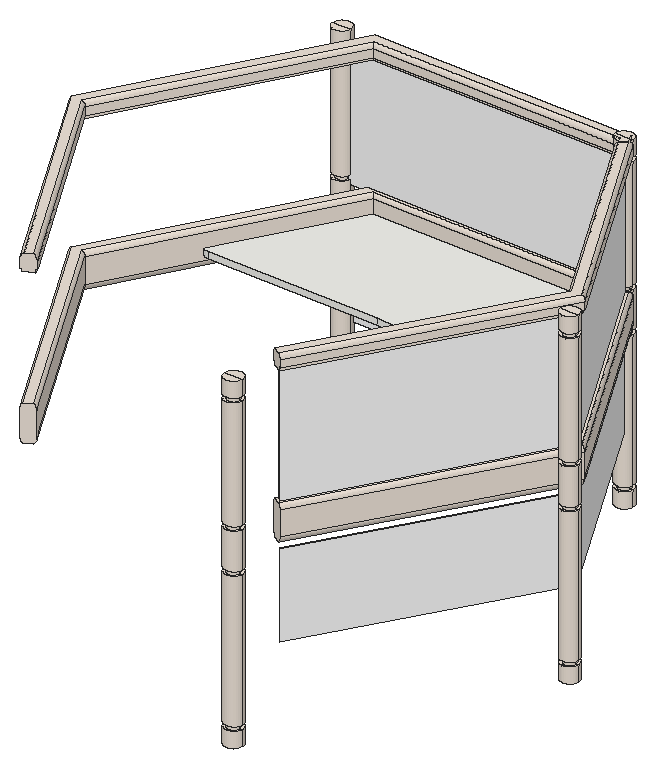
Revit family
Parameters (values of type "96" x 96"")
  Assembly Code = "E2020"
  Cube Panel Material = Textile - Light Gray
  Desktop Height = 2' - 6"
  Desktop1 Width = 2' - 0"
  Desktop2 Width = 2' - 0"
  Panel Height = 5' - 6"
  Panel1 Length = 5' - 0"
  Panel2 Length = 5' - 0"
  Work Top Material = Laminate - Ivory,Matte
Reference planes (in)
  plane 1 "Center (Front/Back)": y = -19.48909
  plane 2: z = 0
  plane 3 "Center (Left/Right)": x = -5.18629
  plane 4: z = 30
  plane 5: z = 66
  plane 6: z = 28.5
  plane 7: x = -3.18629
  plane 8: y = -21.48909
  plane 9: x = 32.81371
  plane 10: x = 92.81371
  plane 11: y = -57.48909
  plane 12: x = 20.81371
  plane 13: y = -45.48909
Forms (in)
  Extrusion 1, solid, material "Laminate - Ivory,Matte" <- "Work Top Material"
    sketch origin (-37.14864, -159.83378, 0) x (1, 0, 0) y (0, 1, 0)
      loop
        line (80.83093, 106.40781) -> (94.83093, 82.1591)
        arc (94.83093, 82.1591) -> (96.53264, 81.17662) -> (98.23435, 82.1591) r 1.96496
        line (98.23435, 82.1591) -> (109.23435, 101.21166) -> (88.25019, 137.55728) -> (46.42194, 137.55728) -> (35.38693, 118.44408)
        arc (35.38693, 118.44408) -> (35.38693, 116.47912) -> (37.08863, 115.49664) r 1.96496
        line (37.08863, 115.49664) -> (65.08863, 115.49664)
        arc (65.08863, 115.49664) -> (74.17746, 113.06129) -> (80.83093, 106.40781) r 18.17764
    from 28.5 to 29.48425
  Sweep 2, solid, material "BMCD2AR3\Solid Materials \Plastics\Textured\Beige, for computers"
    path origin (131.10345, -103.6416, 49.35207) x (1, 0, 0) y (0, 1, 0)
      loop
        line (-120.97114, 8.81702) -> (-141.97114, 45.19009) -> (-121.60913, 81.92411) -> (-79.60913, 81.92411) -> (-58.58057, 45.50157) -> (-79.59795, 9.09839)
    profile origin (30.49432, -21.71749, 49.35207) x (0, 1, 0) y (0, 0, 1)
      loop
        line (-1.14485, 4.75) -> (-1.14485, 3.5) -> (-0.89485, 3.5) -> (-0.89485, 2.94582) -> (0.89485, 2.94582) -> (0.89485, 3.19582) -> (0.89485, 3.5) -> (1.14485, 3.5) -> (1.14485, 4.75)
        arc (1.14485, 4.75) -> (1.03047, 5.2488) -> (0.7102, 5.64793) r 1.14485
        line (0.7102, 5.64793) -> (-0.7102, 5.64793)
        arc (-0.7102, 5.64793) -> (-1.03047, 5.2488) -> (-1.14485, 4.75) r 1.14485
  Extrusion 3, solid, material "meatl modesty", not visible
    sketch origin (-164.37163, -134.70476, 0) x (-0.5, 0.866025, 0) y (-0.866025, -0.5, 0)
      loop
        line (-83.75095, -138.31093) -> (-83.50095, -138.31093) -> (-83.50095, -93.67895) -> (-83.75095, -93.67895) -> (-83.75095, -138.31093)
    from 11.21578 to 25.21578
  Extrusion 4, void, not visible
    sketch origin (-4.9342, -139.3608, 0) x (0.866025, 0.5, 0) y (0, 0, -1)
      loop
        line (-39.89166, -24.30554) -> (-38.89166, -24.30554) -> (-38.89166, -23.30554) -> (-39.89166, -23.30554) -> (-39.89166, -24.30554)
    from 0 to 3.21097
  Extrusion 5, void, not visible
    sketch origin (-4.9342, -139.3608, -3.5) x (0.866025, 0.5, 0) y (0, 0, -1)
      loop
        line (-39.89166, -24.30554) -> (-38.89166, -24.30554) -> (-38.89166, -23.30554) -> (-39.89166, -23.30554) -> (-39.89166, -24.30554)
    from 0 to 3.21097
  Extrusion 6, void, not visible
    sketch origin (-4.9342, -139.3608, -7) x (0.866025, 0.5, 0) y (0, 0, -1)
      loop
        line (-39.89166, -24.30554) -> (-38.89166, -24.30554) -> (-38.89166, -23.30554) -> (-39.89166, -23.30554) -> (-39.89166, -24.30554)
    from 0 to 3.21097
  Extrusion 7, void, not visible
    sketch origin (-4.9342, -139.3608, -10.5) x (0.866025, 0.5, 0) y (0, 0, -1)
      loop
        line (-39.89166, -24.30554) -> (-38.89166, -24.30554) -> (-38.89166, -23.30554) -> (-39.89166, -23.30554) -> (-39.89166, -24.30554)
    from 0 to 3.21097
  Extrusion 8, void, not visible
    sketch origin (-4.9342, -139.3608, 0) x (0.866025, 0.5, 0) y (0, 0, -1)
      loop
        line (-39.89166, -24.30554) -> (-38.89166, -24.30554) -> (-38.89166, -23.30554) -> (-39.89166, -23.30554) -> (-39.89166, -24.30554)
    from 0 to 3.21097
  Extrusion 9, void, not visible
    sketch origin (-4.9342, -139.3608, -3.5) x (0.866025, 0.5, 0) y (0, 0, -1)
      loop
        line (-39.89166, -24.30554) -> (-38.89166, -24.30554) -> (-38.89166, -23.30554) -> (-39.89166, -23.30554) -> (-39.89166, -24.30554)
    from 0 to 3.21097
  Extrusion 10, void, not visible
    sketch origin (-4.9342, -139.3608, -7) x (0.866025, 0.5, 0) y (0, 0, -1)
      loop
        line (-39.89166, -24.30554) -> (-38.89166, -24.30554) -> (-38.89166, -23.30554) -> (-39.89166, -23.30554) -> (-39.89166, -24.30554)
    from 0 to 3.21097
  Extrusion 11, void, not visible
    sketch origin (-4.9342, -139.3608, -10.5) x (0.866025, 0.5, 0) y (0, 0, -1)
      loop
        line (-39.89166, -24.30554) -> (-38.89166, -24.30554) -> (-38.89166, -23.30554) -> (-39.89166, -23.30554) -> (-39.89166, -24.30554)
    from 0 to 3.21097
  Extrusion 12, solid, material "meatl modesty", not visible
    sketch origin (-164.37163, -134.70476, 0) x (-0.5, 0.866025, 0) y (-0.866025, -0.5, 0)
      loop
        line (-83.75095, -138.31093) -> (-83.50095, -138.31093) -> (-83.50095, -93.67895) -> (-83.75095, -93.67895) -> (-83.75095, -138.31093)
    from 11.21578 to 25.21578
  Extrusion 13, void, not visible
    sketch origin (-4.9342, -139.3608, 0) x (0.866025, 0.5, 0) y (0, 0, -1)
      loop
        line (-39.89166, -24.30554) -> (-38.89166, -24.30554) -> (-38.89166, -23.30554) -> (-39.89166, -23.30554) -> (-39.89166, -24.30554)
    from 0 to 3.21097
  Extrusion 14, void, not visible
    sketch origin (-4.9342, -139.3608, -3.5) x (0.866025, 0.5, 0) y (0, 0, -1)
      loop
        line (-39.89166, -24.30554) -> (-38.89166, -24.30554) -> (-38.89166, -23.30554) -> (-39.89166, -23.30554) -> (-39.89166, -24.30554)
    from 0 to 3.21097
  Extrusion 15, void, not visible
    sketch origin (-4.9342, -139.3608, -7) x (0.866025, 0.5, 0) y (0, 0, -1)
      loop
        line (-39.89166, -24.30554) -> (-38.89166, -24.30554) -> (-38.89166, -23.30554) -> (-39.89166, -23.30554) -> (-39.89166, -24.30554)
    from 0 to 3.21097
  Extrusion 16, void, not visible
    sketch origin (-4.9342, -139.3608, -10.5) x (0.866025, 0.5, 0) y (0, 0, -1)
      loop
        line (-39.89166, -24.30554) -> (-38.89166, -24.30554) -> (-38.89166, -23.30554) -> (-39.89166, -23.30554) -> (-39.89166, -24.30554)
    from 0 to 3.21097
  Extrusion 17, void, not visible
    sketch origin (27.52487, -120.62054, 0) x (0.866025, 0.5, 0) y (0, 0, -1)
      loop
        line (-39.89166, -24.30554) -> (-38.89166, -24.30554) -> (-38.89166, -23.30554) -> (-39.89166, -23.30554) -> (-39.89166, -24.30554)
    from 0 to 3.21097
  Extrusion 18, void, not visible
    sketch origin (27.52487, -120.62054, -3.5) x (0.866025, 0.5, 0) y (0, 0, -1)
      loop
        line (-39.89166, -24.30554) -> (-38.89166, -24.30554) -> (-38.89166, -23.30554) -> (-39.89166, -23.30554) -> (-39.89166, -24.30554)
    from 0 to 3.21097
  Extrusion 19, void, not visible
    sketch origin (27.52487, -120.62054, -7) x (0.866025, 0.5, 0) y (0, 0, -1)
      loop
        line (-39.89166, -24.30554) -> (-38.89166, -24.30554) -> (-38.89166, -23.30554) -> (-39.89166, -23.30554) -> (-39.89166, -24.30554)
    from 0 to 3.21097
  Extrusion 20, void, not visible
    sketch origin (27.52487, -120.62054, -10.5) x (0.866025, 0.5, 0) y (0, 0, -1)
      loop
        line (-39.89166, -24.30554) -> (-38.89166, -24.30554) -> (-38.89166, -23.30554) -> (-39.89166, -23.30554) -> (-39.89166, -24.30554)
    from 0 to 3.21097
  Sweep 21, solid, material "BMCD2AR3\Solid Materials \Plastics\Textured\Beige, for computers"
    path origin (-36.09987, -330.88929, 26.35207) x (-1, 0, 0) y (0, -1, 0)
      loop
        line (-46.21114, -236.05255) -> (-25.2226, -272.40578) -> (-45.5846, -309.13981) -> (-87.5846, -309.13981) -> (-108.61389, -272.71602) -> (-87.61311, -236.34161)
    profile origin (30.48473, -21.74948, 26.35207) x (0, 1, 0) y (0, 0, 1)
      loop
        arc (-1.14485, 1.14164) -> (-1.03047, 0.64284) -> (-0.7102, 0.24371) r 1.14485
        line (-0.7102, 0.24371) -> (0.7102, 0.24371)
        arc (0.7102, 0.24371) -> (1.03047, 0.64284) -> (1.14485, 1.14164) r 1.14485
        line (1.14485, 1.14164) -> (1.14485, 2.89164) -> (1.14485, 5.25)
        arc (1.14485, 5.25) -> (1.03047, 5.7488) -> (0.7102, 6.14793) r 1.14485
        line (0.7102, 6.14793) -> (-0.7102, 6.14793)
        arc (-0.7102, 6.14793) -> (-1.03047, 5.7488) -> (-1.14485, 5.25) r 1.14485
        line (-1.14485, 5.25) -> (-1.14485, 2.89164) -> (-1.14485, 1.14164)
  Revolve 22, solid, material "BMCD2AR3\Solid Materials \Plastics\Textured\Beige, for computers"
    sketch origin (-88.67426, -21.74948, 0) x (1, 0, 0) y (0, 0, 1)
      loop
        line (94.29285, 0) -> (94.29285, 2.5) -> (93.79285, 2.5) -> (93.79285, 3.25) -> (94.29285, 3.25) -> (94.29285, 25.75) -> (93.79285, 25.75) -> (93.79285, 26.5) -> (94.29285, 26.5) -> (94.29285, 32.5) -> (93.79285, 32.5) -> (93.79285, 33.25) -> (94.29285, 33.25) -> (94.29285, 51.75) -> (93.79285, 51.75) -> (93.79285, 52.5) -> (94.29285, 52.5) -> (94.29285, 55) -> (92.81371, 55) -> (92.81371, 0) -> (94.29285, 0)
      axis (92.81371, 0) -> (92.81371, 55)
    angle from 0 to 360
  Extrusion 23, solid, material "soft board"
    sketch origin (143.79727, -105.60438, 0) x (0, -1, 0) y (1, 0, 0)
      loop
        line (-84.11529, -138.42053) -> (-83.63171, -138.42053) -> (-83.63171, -93.60886) -> (-84.11529, -93.60886) -> (-84.11529, -138.42053)
    from 31.81554 to 52.5
  Extrusion 24, solid, material "white board"
    sketch origin (48.91924, -184.71275, 0) x (-0.866025, -0.5, 0) y (0.5, -0.866025, 0)
      loop
        line (-83.75095, -138.42053) -> (-83.50095, -138.42053) -> (-83.50095, -93.79598) -> (-83.75095, -93.79598) -> (-83.75095, -138.42053)
    from 31.81554 to 52.5
  Extrusion 25, solid, material "BMCD2AR3\Solid Materials \Plastics\Textured\Beige, for computers"
    sketch origin (-67.17545, -141.56947, 0) x (-0.866025, 0.5, 0) y (-0.5, -0.866025, 0)
      loop
        line (-79.41563, -141.55434) -> (-79.16563, -141.55434) -> (-79.16563, -100.4238) -> (-79.41563, -100.4238) -> (-79.41563, -141.55434)
    from 11.21578 to 25.21578
  Revolve 26, solid, material "BMCD2AR3\Solid Materials \Plastics\Textured\Beige, for computers"
    sketch origin (-41.42327, -21.74948, 0) x (1, 0, 0) y (0, 0, 1)
      loop
        line (94.29285, 0) -> (94.29285, 2.5) -> (93.79285, 2.5) -> (93.79285, 3.25) -> (94.29285, 3.25) -> (94.29285, 25.75) -> (93.79285, 25.75) -> (93.79285, 26.5) -> (94.29285, 26.5) -> (94.29285, 32.5) -> (93.79285, 32.5) -> (93.79285, 33.25) -> (94.29285, 33.25) -> (94.29285, 51.75) -> (93.79285, 51.75) -> (93.79285, 52.5) -> (94.29285, 52.5) -> (94.29285, 55) -> (92.81371, 55) -> (92.81371, 0) -> (94.29285, 0)
      axis (92.81371, 0) -> (92.81371, 55)
    angle from 0 to 360
  Revolve 27, solid, material "BMCD2AR3\Solid Materials \Plastics\Textured\Beige, for computers"
    sketch origin (-17.80122, -62.66407, 0) x (1, 0, 0) y (0, 0, 1)
      loop
        line (94.29285, 0) -> (94.29285, 2.5) -> (93.79285, 2.5) -> (93.79285, 3.25) -> (94.29285, 3.25) -> (94.29285, 25.75) -> (93.79285, 25.75) -> (93.79285, 26.5) -> (94.29285, 26.5) -> (94.29285, 32.5) -> (93.79285, 32.5) -> (93.79285, 33.25) -> (94.29285, 33.25) -> (94.29285, 51.75) -> (93.79285, 51.75) -> (93.79285, 52.5) -> (94.29285, 52.5) -> (94.29285, 55) -> (92.81371, 55) -> (92.81371, 0) -> (94.29285, 0)
      axis (92.81371, 0) -> (92.81371, 55)
    angle from 0 to 360
  Revolve 28, solid, material "BMCD2AR3\Solid Materials \Plastics\Textured\Beige, for computers"
    sketch origin (-41.40563, -103.56936, 0) x (1, 0, 0) y (0, 0, 1)
      loop
        line (94.29285, 0) -> (94.29285, 2.5) -> (93.79285, 2.5) -> (93.79285, 3.25) -> (94.29285, 3.25) -> (94.29285, 25.75) -> (93.79285, 25.75) -> (93.79285, 26.5) -> (94.29285, 26.5) -> (94.29285, 32.5) -> (93.79285, 32.5) -> (93.79285, 33.25) -> (94.29285, 33.25) -> (94.29285, 51.75) -> (93.79285, 51.75) -> (93.79285, 52.5) -> (94.29285, 52.5) -> (94.29285, 55) -> (92.81371, 55) -> (92.81371, 0) -> (94.29285, 0)
      axis (92.81371, 0) -> (92.81371, 55)
    angle from 0 to 360
  Extrusion 29, solid, material "BMCD2AR3\Solid Materials \Plastics\Textured\Beige, for computers"
    sketch origin (48.86072, -184.6114, 0) x (-0.866025, -0.5, 0) y (0.5, -0.866025, 0)
      loop
        line (-83.75095, -138.31093) -> (-83.50095, -138.31093) -> (-83.50095, -93.67895) -> (-83.75095, -93.67895) -> (-83.75095, -138.31093)
    from 11.21578 to 25.21578
  Extrusion 30, solid, material "BMCD2AR3\Solid Materials \Plastics\Textured\Beige, for computers"
    sketch origin (-88.04932, 62.01186, 0) x (0, 1, 0) y (-1, 0, 0)
      loop
        line (-83.75095, -138.31093) -> (-83.50095, -138.31093) -> (-83.50095, -93.67895) -> (-83.75095, -93.67895) -> (-83.75095, -138.31093)
    from 11.21578 to 25.21578
  Extrusion 31, solid, material "soft board"
    sketch origin (193.94436, -24.52916, 0) x (0.866025, -0.5, 0) y (0.5, 0.866025, 0)
      loop
        line (-88.58184, -131.54707) -> (-88.09825, -131.54707) -> (-88.09825, -90.54707) -> (-88.58184, -90.54707) -> (-88.58184, -131.54707)
    from 31.81554 to 52.5
  Extrusion 32, solid, material "soft board"
    sketch origin (49.09589, -184.61076, 0) x (-0.866025, -0.5, 0) y (0.5, -0.866025, 0)
      loop
        line (-83.75095, -138.42053) -> (-83.50095, -138.42053) -> (-83.50095, -93.79598) -> (-83.75095, -93.79598) -> (-83.75095, -138.42053)
    from 32.5 to 52.5
Dimensions and locks (in)
  "Panel Height": plane 5 to plane 2
  "Desktop Height": plane 4 to plane 2
  locked: plane 6 to plane 4 at 1.5
Automatic sketch dimensions
  Extrusion 3 sketch curve to Extrusion 3 sketch curve = 0' - 0 1/4"
  Extrusion 3 sketch curve to Extrusion 3 sketch curve = 3' - 8.63198"
  Extrusion 4 sketch curve to Extrusion 4 sketch curve = 0' - 1"  (x2)
  Extrusion 5 sketch curve to Extrusion 5 sketch curve = 0' - 1"  (x2)
  Extrusion 6 sketch curve to Extrusion 6 sketch curve = 0' - 1"  (x2)
  Extrusion 7 sketch curve to Extrusion 7 sketch curve = 0' - 1"  (x2)
  Extrusion 8 sketch curve to Extrusion 8 sketch curve = 0' - 1"  (x2)
  Extrusion 9 sketch curve to Extrusion 9 sketch curve = 0' - 1"  (x2)
  Extrusion 10 sketch curve to Extrusion 10 sketch curve = 0' - 1"  (x2)
  Extrusion 11 sketch curve to Extrusion 11 sketch curve = 0' - 1"  (x2)
  Extrusion 12 sketch curve to Extrusion 12 sketch curve = 0' - 0 1/4"
  Extrusion 12 sketch curve to Extrusion 12 sketch curve = 3' - 8.63198"
  Extrusion 13 sketch curve to Extrusion 13 sketch curve = 0' - 1"  (x2)
  Extrusion 14 sketch curve to Extrusion 14 sketch curve = 0' - 1"  (x2)
  Extrusion 15 sketch curve to Extrusion 15 sketch curve = 0' - 1"  (x2)
  Extrusion 16 sketch curve to Extrusion 16 sketch curve = 0' - 1"  (x2)
  Extrusion 17 sketch curve to Extrusion 17 sketch curve = 0' - 1"  (x2)
  Extrusion 18 sketch curve to Extrusion 18 sketch curve = 0' - 1"  (x2)
  Extrusion 19 sketch curve to Extrusion 19 sketch curve = 0' - 1"  (x2)
  Extrusion 20 sketch curve to Extrusion 20 sketch curve = 0' - 1"  (x2)
  Sweep 2 sketch curve to Sweep 2 sketch curve = 0' - 0"  (x2)
  Sweep 2 sketch curve to profile plane = 0' - 0"
  profile plane to Sweep 2 sketch curve = 0' - 0.7102"
  profile plane to Sweep 2 sketch curve = 0' - 0.89485"
  Sweep 2 sketch curve to Sweep 2 sketch curve = 0' - 0.43464"
  Sweep 2 sketch curve to profile plane = 0' - 0.7102"
  Sweep 2 sketch curve to Sweep 2 sketch curve = 0' - 0 1/4"  (x2)
  profile plane to Sweep 2 sketch curve = 0' - 2.94582"
  Sweep 2 sketch curve to Sweep 2 sketch curve = 0' - 0.30418"
  Sweep 2 sketch curve to Sweep 2 sketch curve = 0' - 0.55418"
  Sweep 2 sketch curve to Sweep 2 sketch curve = 0' - 1 1/4"
  Sweep 21 sketch curve to Sweep 21 sketch curve = 0' - 0"  (x4)
  Sweep 21 sketch curve to profile plane = 0' - 0"  (x2)
  profile plane to Sweep 21 sketch curve = 0' - 0.7102"  (x2)
  Sweep 21 sketch curve to Sweep 21 sketch curve = 0' - 0.43464"
  Sweep 21 sketch curve to profile plane = 0' - 0.7102"
  profile plane to Sweep 21 sketch curve = 0' - 0.24371"
  Sweep 21 sketch curve to Sweep 21 sketch curve = 0' - 1 3/4"  (x2)
  Sweep 21 sketch curve to Sweep 21 sketch curve = 0' - 2.35836"
  Revolve 22 sketch curve to level = 0' - 0"  (x2)
  Revolve 22 sketch curve to plane 4 = 0' - 0"
  plane 7 to Revolve 22 sketch curve = 0' - 7.32574"
  Revolve 22 sketch curve to Revolve 22 sketch curve = 0' - 0"
  Revolve 22 sketch curve to Revolve 22 sketch curve = 0' - 0.97914"  (x4)
  Revolve 22 sketch curve to Revolve 22 sketch curve = 0' - 1.47914"  (x2)
  Revolve 22 sketch curve to Revolve 22 sketch curve = 0' - 0 1/2"  (x3)
  level to Revolve 22 sketch curve = 0' - 2 1/2"
  Revolve 22 sketch curve to Revolve 22 sketch curve = 0' - 0 3/4"  (x4)
  plane 6 to Revolve 22 sketch curve = 0' - 2 3/4"
  Revolve 22 sketch curve to plane 4 = 0' - 2 1/2"
  plane 5 to Revolve 22 sketch curve = 1' - 2 1/4"
  Revolve 22 sketch curve to Revolve 22 sketch curve = 0' - 2 1/2"
  Extrusion 23 sketch curve to plane 8 = 0' - 0"
  Extrusion 23 sketch curve to Extrusion 23 sketch curve = 0' - 0.48358"
  plane 7 to Extrusion 23 sketch curve = 0' - 8.56303"
  Extrusion 23 sketch curve to plane 9 = 1' - 5.3747"
  plane 11 to Extrusion 24 sketch curve = 0' - 4.11847"
  plane 10 to Extrusion 24 sketch curve = 1' - 6.26201"
  Extrusion 24 sketch curve to Extrusion 24 sketch curve = 0' - 0 1/4"
  Extrusion 24 sketch curve to Extrusion 24 sketch curve = 3' - 8.62455"
  Revolve 26 sketch curve to level = 0' - 0"  (x2)
  Revolve 26 sketch curve to plane 4 = 0' - 0"
  Revolve 26 sketch curve to plane 9 = 1' - 6.57673"
  Revolve 26 sketch curve to Revolve 26 sketch curve = 0' - 0"
  Revolve 26 sketch curve to Revolve 26 sketch curve = 0' - 0.97914"  (x4)
  Revolve 26 sketch curve to Revolve 26 sketch curve = 0' - 1.47914"  (x2)
  Revolve 26 sketch curve to Revolve 26 sketch curve = 0' - 0 1/2"  (x3)
  level to Revolve 26 sketch curve = 0' - 2 1/2"
  Revolve 26 sketch curve to Revolve 26 sketch curve = 0' - 0 3/4"  (x4)
  plane 6 to Revolve 26 sketch curve = 0' - 2 3/4"
  Revolve 26 sketch curve to plane 4 = 0' - 2 1/2"
  plane 5 to Revolve 26 sketch curve = 1' - 2 1/4"
  Revolve 26 sketch curve to Revolve 26 sketch curve = 0' - 2 1/2"
  Revolve 27 sketch curve to level = 0' - 0"  (x2)
  Revolve 27 sketch curve to plane 4 = 0' - 0"
  plane 10 to Revolve 27 sketch curve = 1' - 5.80122"
  Revolve 27 sketch curve to Revolve 27 sketch curve = 0' - 0"
  Revolve 27 sketch curve to Revolve 27 sketch curve = 0' - 0.97914"  (x4)
  Revolve 27 sketch curve to Revolve 27 sketch curve = 0' - 1.47914"  (x2)
  Revolve 27 sketch curve to Revolve 27 sketch curve = 0' - 0 1/2"  (x3)
  level to Revolve 27 sketch curve = 0' - 2 1/2"
  Revolve 27 sketch curve to Revolve 27 sketch curve = 0' - 0 3/4"  (x4)
  plane 6 to Revolve 27 sketch curve = 0' - 2 3/4"
  Revolve 27 sketch curve to plane 4 = 0' - 2 1/2"
  plane 5 to Revolve 27 sketch curve = 1' - 2 1/4"
  Revolve 27 sketch curve to Revolve 27 sketch curve = 0' - 2 1/2"
  Revolve 28 sketch curve to level = 0' - 0"  (x2)
  Revolve 28 sketch curve to plane 4 = 0' - 0"
  Revolve 28 sketch curve to plane 9 = 1' - 6.59437"
  Revolve 28 sketch curve to Revolve 28 sketch curve = 0' - 0"
  Revolve 28 sketch curve to Revolve 28 sketch curve = 0' - 0.97914"  (x4)
  Revolve 28 sketch curve to Revolve 28 sketch curve = 0' - 1.47914"  (x2)
  Revolve 28 sketch curve to Revolve 28 sketch curve = 0' - 0 1/2"  (x3)
  level to Revolve 28 sketch curve = 0' - 2 1/2"
  Revolve 28 sketch curve to Revolve 28 sketch curve = 0' - 0 3/4"  (x4)
  plane 6 to Revolve 28 sketch curve = 0' - 2 3/4"
  Revolve 28 sketch curve to plane 4 = 0' - 2 1/2"
  plane 5 to Revolve 28 sketch curve = 1' - 2 1/4"
  Revolve 28 sketch curve to Revolve 28 sketch curve = 0' - 2 1/2"
  plane 11 to Extrusion 29 sketch curve = 0' - 4.11847"
  plane 10 to Extrusion 29 sketch curve = 1' - 6.26201"
  Extrusion 29 sketch curve to Extrusion 29 sketch curve = 0' - 0 1/4"
  Extrusion 29 sketch curve to Extrusion 29 sketch curve = 3' - 8.63198"
  Extrusion 30 sketch curve to plane 8 = 0' - 0"
  Extrusion 30 sketch curve to Extrusion 30 sketch curve = 0' - 0 1/4"
  Extrusion 30 sketch curve to plane 9 = 1' - 5.4479"
  plane 7 to Extrusion 30 sketch curve = 0' - 8.81592"
  plane 11 to Extrusion 32 sketch curve = 0' - 4.01649"
  plane 10 to Extrusion 32 sketch curve = 1' - 6.08536"
  Extrusion 32 sketch curve to Extrusion 32 sketch curve = 0' - 0 1/4"
  Extrusion 32 sketch curve to Extrusion 32 sketch curve = 3' - 8.62455"
  plane 7 to Extrusion 1 sketch curve = 0' - 1.42457"
  Extrusion 1 sketch curve to plane 13 = 0' - 1.15195"
  plane 7 to Extrusion 1 sketch curve = 0' - 3.12628"
  plane 8 to Extrusion 1 sketch curve = 0' - 0.7874"
  Extrusion 1 sketch curve to plane 12 = 0' - 11.54041"
  plane 9 to Extrusion 1 sketch curve = 0' - 4.87372"
  Extrusion 1 sketch curve to plane 11 = 0' - 4.06313"
  Extrusion 1 sketch curve to plane 9 = 1' - 6.28784"
  Extrusion 1 sketch curve to plane 9 = 2' - 0.86858"
  Extrusion 1 sketch curve to Extrusion 1 sketch curve = 0' - 1.70171"  (x2)
  plane 11 to Extrusion 1 sketch curve = 0' - 1.13302"
  plane 10 to Extrusion 1 sketch curve = 1' - 8.72801"
  plane 11 to Extrusion 1 sketch curve = 0' - 5.02569"
  plane 11 to Extrusion 1 sketch curve = 1' - 7.2031"
  Extrusion 1 sketch curve to Extrusion 1 sketch curve = 0' - 0.98248"
  Extrusion 1 sketch curve to Extrusion 1 sketch curve = 0' - 1.96496"
  Sweep 2 sketch curve to plane 3 "Center (Left/Right)" = 0' - 5.68139"
  plane 11 to Sweep 2 sketch curve = 0' - 0.96242"
  plane 8 to Sweep 2 sketch curve = 0' - 0.22839"
  Sweep 2 sketch curve to plane 12 = 0' - 11.31939"
  Sweep 2 sketch curve to plane 12 = 0' - 10.68139"
  Sweep 2 sketch curve to plane 9 = 1' - 6.68061"
  Sweep 2 sketch curve to plane 9 = 1' - 6.69179"
  plane 11 to Sweep 2 sketch curve = 0' - 0.65093"
  plane 10 to Sweep 2 sketch curve = 1' - 8.29082"
  plane 11 to Sweep 2 sketch curve = 3' - 1.05411"
  plane 11 to Sweep 2 sketch curve = 3' - 1.33549"
  plane 11 to Sweep 21 sketch curve = 0' - 0.68418"
  plane 10 to Sweep 21 sketch curve = 1' - 8.29969"
  Sweep 21 sketch curve to plane 9 = 1' - 6.69953"
  plane 8 to Sweep 21 sketch curve = 0' - 0.26039"
  Sweep 21 sketch curve to plane 9 = 1' - 6.67102"
  Sweep 21 sketch curve to plane 12 = 0' - 10.70244"
  Sweep 21 sketch curve to plane 12 = 0' - 11.32898"
  plane 11 to Sweep 21 sketch curve = 0' - 0.99441"
  Sweep 21 sketch curve to plane 3 "Center (Left/Right)" = 0' - 5.69098"
  plane 11 to Sweep 21 sketch curve = 3' - 1 15/256"
  plane 11 to Sweep 21 sketch curve = 3' - 1 89/256"
  plane 11 to Extrusion 31 sketch curve = 0' - 1.16521"
  plane 10 to Extrusion 31 sketch curve = 1' - 8.857"
  Extrusion 31 sketch curve to Extrusion 31 sketch curve = 0' - 0.48358"
  Extrusion 31 sketch curve to Extrusion 31 sketch curve = 3' - 5"
  Extrusion 25 sketch curve to plane 9 = 1' - 6.99868"
  plane 11 to Extrusion 25 sketch curve = 3' - 0.81862"
  Extrusion 25 sketch curve to Extrusion 25 sketch curve = 0' - 0 1/4"
  Extrusion 25 sketch curve to Extrusion 25 sketch curve = 3' - 5.13054"
